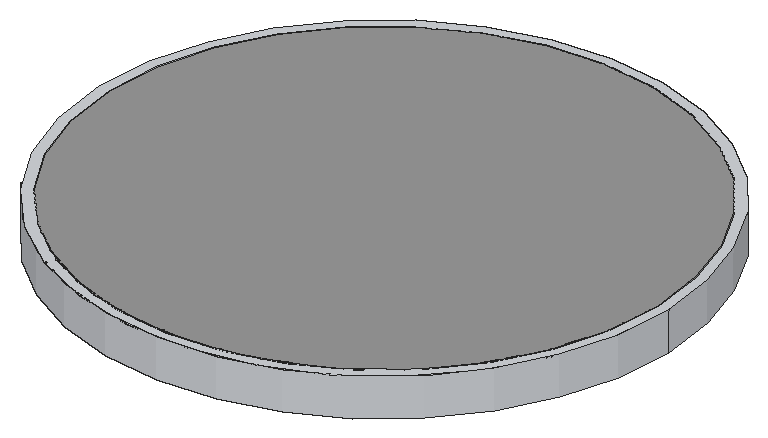
Revit family "2071253", category Lighting Fixtures, host Face, Revit 2018
Family settings
  Host = Face
  Round Connector Dimension = Use Diameter
  Part Type = Normal
  OmniClass Number = 23.80.70.00
  OmniClass Title = Lighting
  Cut with Voids When Loaded = No
  Light Source = Yes
  Shared = No
  Room Calculation Point = No
Parameters (values of type "2071253 COLOSSAL 900 940 PR DIR WHT DALI")
  iner diameter = 856 mm
  Weight = "n/a"
  Wattage Comments = ""
  Wattage = 30 W
  WarrantyStartDate [instance] = "n/a"
  WarrantyGuarantorParts = "n/a"
  WarrantyDurationUnit = "n/a"
  WarrantyDurationParts = ""
  WarrantyDescription = "http://www.sylvania-lighting.com"
  built-in parameter 1150110 = 1 (stored number, unit not read)
  Voltage = 230 V
  URL = "0.99"
  TypeName = "COLOSSAL 900mm 940 PRISM DIR WHITE DALI"
  Type Image = <None>
  Type Comments = "n/a"
  built-in parameter 1114217 = 1 (stored number, unit not read)
  Tilt Angle = -90.00°
  built-in parameter 1150109 = 1 (stored number, unit not read)
  built-in parameter 1150134 = (empty or 0)
  built-in parameter 1150113 = 1 (stored number, unit not read)
  SerialNumber [instance] = "n/a"
  Photometric Web File = "2071253.ies"
  Material_3_SYL = LED-Sylvania
  PowerFactor = 0
  PowerConsumption = "Lighting"
  NominalLength = 888 mm
  NominalHeight = 93 mm
  NominalDepth = 888 mm
  Name = "COLOSSAL 900mm 940 PRISM DIR WHITE DALI"
  ModelReference = Name  # "COLOSSAL 900mm 940 PRISM DIR WHITE DALI"
  ModelNumber = "2071253"
  Model = Name  # "COLOSSAL 900mm 940 PRISM DIR WHITE DALI"
  Material = "Feilo Sylvania"
  ManufacturerName = "118 lm/W"
  Manufacturer = ""
  LuminousEfficacy = ""
  built-in parameter 1150105 = 270.44 (stored number, unit not read)
  Lumens = 3398.4 lm
  LuminaireType = "0"
  built-in parameter 1150115 = 1 (stored number, unit not read)
  LightOutputRatio = "LED"
  built-in parameter 1150137 = (empty or 0)
  built-in parameter 1150139 = (empty or 0)
  LampsType = Lamp  # "n/a"
  LampNominalLuminous = "4000 K"
  LampMacAdamStep = "90"
  LampColourTemperature = "LED"
  LampColourRenderingIndex = "16500"
  built-in parameter 1150112 = 1 (stored number, unit not read)
  built-in parameter 1150114 = 1 (stored number, unit not read)
  Lamp = "n/a"
  Keynote = "n/a"
  InstallationDate [instance] = "n/a"
  InputVoltage = "0"
  InputNominalFrequency = "4000"
  built-in parameter 1150132 = (empty or 0)
  built-in parameter 1150102 = (empty or 0)
  built-in parameter 1150107 = 3000 (stored number, unit not read)
  built-in parameter 1150138 = (empty or 0)
  IngressProtection = "IfcLightFixtureType"
  ImpactProtectionIndex = "IfcLightFixtureType"
  built-in parameter 1150106 = 2.7044 (stored number, unit not read)
  IfcExportType = "IfcLightFixtureType"
  IfcExportAs = "Class I"
  Emit from Circle Diameter = 385 mm
  Emit Shape Visible in Rendering = no
  ElectricShockClassification = "118"
  built-in parameter 1150104 = 10.524 (stored number, unit not read)
  DocumentationLiterature = "http://www.sylvania-lighting.com/product/en-int/products/2071253"
  DimmingControlOptions = "n/a"
  Material_2_SYL = Polycarbonate_Sylvania_White
  Dimming Lamp Color Temperature Shift = <None>
  Description = "900mm diameter circular architectural luminaire, can be surface mounted or suspended. Powder coated aluminium housing (RAL9016) with PMMA prismatic diffuser. Direct light distribution, 6955lm luminuous flux, 58.7W system power, 118lm/W luminiaire efficacy. DALI dimmable. Colour rendering index Ra >90, 4000K Neutral White LED, chromaticity tolerance of 3-step MacAdam ellipse. IP40/IP20, IK03. 350mA drive current. UGR≤19. Electrical protection Class1, 220-240V. Reported lifetime 66k hours L90B10."
  Default Elevation = 1219.2 mm
  CreatedOn = "23/03/2022"
  CreatedBy = "@sylvania-lighting.com"
  Cost = 0
  Color Filter = 16777215
  built-in parameter 1114216 [instance] = (empty or 0)
  ClassificationValue = "EF_70_80"
  ClassificationName = "Uniclass2015"
  Material_1_SYL = Polycarbonate_Sylvania_Opal
  BarCode [instance] = "n/a"
  built-in parameter 1114218 = 1 (stored number, unit not read)
  built-in parameter 1150133 = 10 (stored number, unit not read)
  AssetType = "Fixed"
  AssetIdentifier [instance] = "n/a"
  Assembly Code = "D5020200"
  Apparent Load = 58.7 VA
  Material_4_SYL = none
Reference planes
  plane 1 "Center (Front/Back)": y = 0
  plane 2: z = 0
  plane 3 "Center (Left/Right)": x = 0
  plane 4: z = 1.161
  plane 5: z = 16.161
  plane 6: x = -444
  plane 7: x = 444
  plane 8: y = 444
  plane 9: y = -444
  plane 10: y = 236
  plane 11: y = -236
  plane 12: x = 85
  plane 13: x = -85
  plane 14: through (0, 0, 1219.2) normal (0.5, 0.866, 0)
  plane 15: through (42.5, 73.612, 1219.2) normal (0.5, 0.866, 0)
  plane 16: through (-42.5, -73.612, 1219.2) normal (0.5, 0.866, 0)
  plane 17: through (0, 0, 1219.2) normal (0.5, -0.866, 0)
  plane 18: through (-42.5, 73.612, 1219.2) normal (0.5, -0.866, 0)
  plane 19: through (42.5, -73.612, 1219.2) normal (0.5, -0.866, 0)
  plane 20: z = 93
  plane 21: y = 428
  plane 22: y = -428
Forms (mm)
  Extrusion 1, solid, detail levels medium+fine
    sketch origin (0, 0, 0) x (0.866025, -0.5, 0) y (0.5, 0.866025, 0)
      loop
        circle (-50, 86.603) r 22
    from 0 to 2
  Extrusion 2, solid, detail levels medium+fine
    sketch origin (0, 0, 0) x (0.866025, -0.5, 0) y (0.5, 0.866025, 0)
      loop
        circle (100, 0) r 22
      loop
        circle (-50, -86.603) r 22
    from 0 to 2
  Blend 3, solid, detail levels medium+fine
    base sketch origin (0, 0, 0) x (1, 0, 0) y (0, 1, 0)
      loop
        line (-85, 236) -> (-246.882, -44.388) -> (-161.882, -191.612) -> (161.882, -191.612) -> (246.882, -44.388) -> (85, 236) -> (-85, 236)
    top sketch origin (0, 0, 0) x (1, 0, 0) y (0, 1, 0)
      loop
        line (-85, 283.076) -> (-287.651, -67.926) -> (-207.792, -218.119) -> (207.792, -218.119) -> (292.5, -71.401) -> (85, 283.076) -> (-85, 283.076)
    from 0 to 33.022
  Extrusion 4, solid, detail levels medium+fine
    sketch origin (0, 0, 0) x (1, 0, 0) y (0, 1, 0)
      loop
        circle (0, 0) r 444
    from 33.022 to 93
  Extrusion 5, void
    sketch origin (0, 0, 0) x (1, 0, 0) y (0, 1, 0)
      loop
        circle (0, 0) r 428
    from 96.588 to 37.292
  Extrusion 6, solid, material "Glass, White, High Luminance", detail levels fine
    sketch origin (0, 0, 0) x (1, 0, 0) y (0, 1, 0)
      loop
        circle (0, 0) r 428
    from 87.991 to 93
  Extrusion 7, solid, detail levels coarse
    sketch origin (0, 0, 0) x (1, 0, 0) y (0, 1, 0)
      loop
        line (-444, 444) -> (-444, -444) -> (444, -444) -> (444, 444) -> (-444, 444)
    from 0 to 93.648
Cuts and joins
  Extrusion 5 cuts Extrusion 1
  Extrusion 5 cuts Extrusion 2
  Extrusion 5 cuts Blend 3
  Extrusion 5 cuts Extrusion 4
Lines and regions (mm)
  model lines, detail levels medium+fine
    curve 1: circle (0, 0, 0) r 100 normal (0, 0, 1)
Dimensions and locks
  "NominalDepth": plane 8 to plane 9
  plane 8 to plane 1 "Center (Front/Back)" to plane 9 = 444 mm, 444 mm
  "NominalLength": plane 6 to plane 7
  equal spacing: plane 6, plane 3 "Center (Left/Right)", plane 7
  "NominalHeight": level to plane 20
  "iner diameter": plane 21 to plane 22
  equal spacing: plane 21, plane 1 "Center (Front/Back)", plane 22
  aligned and locked: plane 2 to host face
  aligned and locked: level to host face
Automatic sketch dimensions
  host sketch curve to host sketch curve = 2438.4 mm  (x2)
  Extrusion 1 sketch curve to plane 3 "Center (Left/Right)" = 0 mm
  Extrusion 1 sketch curve to plane 1 "Center (Front/Back)" = 100 mm
  plane 1 "Center (Front/Back)" to Extrusion 2 sketch curve = 50 mm
  Extrusion 2 sketch curve to plane 3 "Center (Left/Right)" = 86.603 mm
  Extrusion 2 sketch curve to Extrusion 2 sketch curve = 150 mm
  Extrusion 2 sketch curve to Extrusion 2 sketch curve = 86.603 mm
  plane 1 "Center (Front/Back)" to curve 1 = 0 mm
  curve 1 to plane 3 "Center (Left/Right)" = 0 mm
  plane 18 to Blend 3 sketch curve = 0 mm  (x2)
  plane 19 to Blend 3 sketch curve = 0 mm  (x2)
  Blend 3 sketch curve to plane 10 = 0 mm
  Blend 3 sketch curve to plane 13 = 0 mm  (x2)
  Blend 3 sketch curve to plane 12 = 0 mm  (x2)
  Blend 3 sketch curve to plane 16 = 0 mm  (x2)
  Blend 3 sketch curve to plane 15 = 0 mm
  plane 11 to Blend 3 sketch curve = 44.388 mm
  plane 1 "Center (Front/Back)" to Blend 3 sketch curve = 44.388 mm  (x2)
  plane 11 to Blend 3 sketch curve = 17.881 mm
  plane 1 "Center (Front/Back)" to Blend 3 sketch curve = 67.926 mm
  plane 1 "Center (Front/Back)" to Blend 3 sketch curve = 71.401 mm
  Blend 3 sketch curve to plane 7 = 151.5 mm
  plane 10 to Blend 3 sketch curve = 47.076 mm
  plane 1 "Center (Front/Back)" to Extrusion 4 sketch curve = 0 mm
  Extrusion 4 sketch curve to plane 3 "Center (Left/Right)" = 0 mm
  plane 1 "Center (Front/Back)" to Extrusion 5 sketch curve = 0 mm
  Extrusion 5 sketch curve to plane 3 "Center (Left/Right)" = 0 mm
  plane 1 "Center (Front/Back)" to Extrusion 6 sketch curve = 0 mm
  Extrusion 6 sketch curve to plane 3 "Center (Left/Right)" = 0 mm
  Extrusion 7 sketch curve to plane 6 = 0 mm
  Extrusion 7 sketch curve to plane 7 = 0 mm
  Extrusion 7 sketch curve to plane 9 = 0 mm
  Extrusion 7 sketch curve to plane 8 = 0 mm
  radius of Extrusion 1 sketch curve = 22 mm
  radius of Extrusion 2 sketch curve = 22 mm  (x2)
  radius of curve 1 = 100 mm
  radius of Extrusion 4 sketch curve = 444 mm
  radius of Extrusion 5 sketch curve = 428 mm
  radius of Extrusion 6 sketch curve = 428 mm
Connectors
  electrical at (0, 0, 0), driven by "Apparent Load", driven by "PowerFactor", driven by "Voltage"
    settings: index 1, voltage 230 V, apparent load 58.7 VA, apparent load phase1 0 VA, apparent load phase2 0 VA, apparent load phase3 0 VA, power factor 0, load classification "Lighting", number of poles 1, system type 30, power factor state 1, is connector primary yes, connector utility no, sub classification motor no, connector description ""
